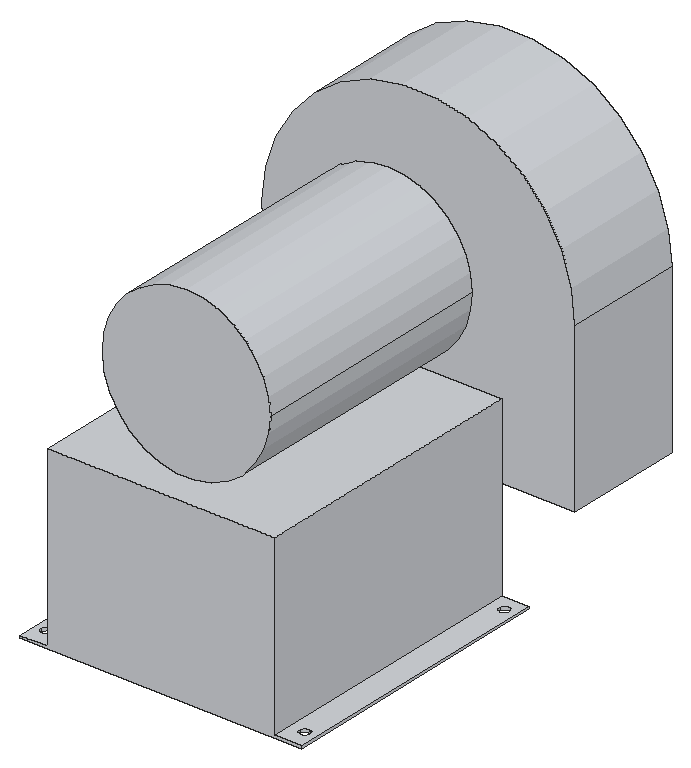
Revit family "CPFD_CCW_DBD", category Mechanical Equipment, Revit 2019
Family settings
  Round Connector Dimension = Use Radius
  Part Type = Normal
  Work Plane-Based = No
  Always vertical = Yes
  Cut with Voids When Loaded = No
  Shared = No
  Room Calculation Point = No
Parameters (values of type "10_CPFD_CW_DBD")
  Unit Weight [instance] = ""
  T_SQ/2 = T_SQ / 2  # 1' - 4"
  T_SQ = 2' - 8"
  Sones [instance] = ""
  SPACE = 0' - 1 1/2"
  Q = 0' - 1 1/16"
  P/6 = P / 6  # 0' - 1 1/2"
  P/2 = P / 2  # 0' - 4 1/2"
  P = 0' - 9"
  N/2 = N / 2  # 0' - 0 9/32"
  N = 0' - 0 9/16"
  Motor RPM [instance] = ""
  Motor Enclosure [instance] = ""
  ModelID [instance] = ""
  M = 0' - 4 5/8"
  LwA [instance] = ""
  L = 0' - 9 7/8"
  K = 0' - 1"
  J = 1' - 1 3/4"
  H/2 = H / 2  # 0' - 7 1/8"
  H-1.5" = H - 0' 1 1/2"  # 1' - 0 3/4"
  H = 1' - 2 1/4"
  G-1" = G - 0' 1"  # 0' - 7"
  G = 0' - 8"
  Fan RPM [instance] = ""
  F+1.25" = -(F + 0' 1 1/4")  # -0' - 7 5/8"
  F+.25" = -(F + 0' 0 1/4")  # -0' - 6 5/8"
  F = 0' - 6 3/8"
  E+.25" = E + 0' 0 1/4"  # 0' - 11 5/8"
  E = 0' - 11 3/8"
  D = 1' - 2 3/8"
  C/2 = C / 2  # 0' - 11 3/4"
  C = 1' - 11 1/2"
  B/2 = B / 2  # 0' - 11 1/8"
  B-F-2" = B - F - 0' 2"  # 1' - 1 7/8"
  B-F-.25" = B - F - 0' 0 1/4"  # 1' - 3 5/8"
  B = 1' - 10 1/4"
  Accessories [instance] = ""
  A/2 = A / 2  # 0' - 7 3/4"
  A = 1' - 3 1/2"
  3" = 0' - 3"  # constant formula
  Brake Hp [instance] = ""
  4" = 0' - 4"  # constant formula
  2' = 2' - 0"
  2" = 0' - 2"  # constant formula
  1" = 0' - 1"  # constant formula
  0 = 0' - 0"  # constant formula
  Voltage [instance] = 0 V
  URL = "www.lorencook.com"
  Type Comments = "Forward Curved Centrifugal Blower Direct Drive Clockwise Down Blast Arrangement 4"  # constant formula
  Static Pressure [instance] = 0.00 in-wg
  Power [instance] = Voltage * Motor FLA * sqrt(if(Phase = 3, 3, 1))  # 0 VA
  Phase [instance] = 0
  Number of Poles [instance] = 1
  Motor Hp [instance] = "0"
  Motor FLA [instance] = 0 A
  Model = "CPFD_CW_DBD"  # constant formula
  Manufacturer = "Loren Cook Company"
  CFM [instance] = 0 CFM
  1.5 = 0' - 1 1/2"  # constant formula
  ONE EIGTH = 0' - 0 1/8"  # constant formula
  (P/2)-.125" = (P / 2) - 0' 0 1/8"  # 0' - 4 3/8"
Types (6): name | SPACE | Q | P/6 | P/2 | P | N/2 | N | M | L | J | H/2 | H-1.5" | H | G-1" | G | F+1.25" | F+.25" | F | E+.25" | E | D | C/2 | C | B/2 | B-F-2" | B-F-.25" | B | A/2 | A | (P/2)-.125"
  (no name) | 0' - 1 1/2" | 0' - 1 1/16" | 0' - 1 1/2" | 0' - 4 1/2" | 0' - 9" | 0' - 0 9/32" | 0' - 0 9/16" | 0' - 4 5/8" | 0' - 9 7/8" | 1' - 1 3/4" | 0' - 7 1/8" | 1' - 0 3/4" | 1' - 2 1/4" | 0' - 7" | 0' - 8" | -0' - 7 5/8" | -0' - 6 5/8" | 0' - 6 3/8" | 0' - 11 5/8" | 0' - 11 3/8" | 1' - 2 3/8" | 0' - 11 3/4" | 1' - 11 1/2" | 0' - 11 1/8" | 1' - 1 7/8" | 1' - 3 5/8" | 1' - 10 1/4" | 0' - 7 3/4" | 1' - 3 1/2" | 0' - 4 3/8"
  6_CPFD_CW_DBD | 0' - 1 1/2" | 0' - 0 1/2" | 0' - 1.16667" | 0' - 3 1/2" | 0' - 7" | 0' - 0 7/32" | 0' - 0 7/16" | 0' - 3 5/8" | 0' - 4 5/8" | 0' - 10 3/4" | 0' - 6 1/4" | 0' - 11" | 1' - 0 1/2" | 0' - 4 3/4" | 0' - 5 3/4" | -0' - 5 7/8" | -0' - 4 7/8" | 0' - 4 5/8" | 0' - 8 1/8" | 0' - 7 7/8" | 0' - 8 1/8" | 0' - 7 1/4" | 1' - 2 1/2" | 0' - 9 1/4" | 0' - 11 7/8" | 1' - 1 5/8" | 1' - 6 1/2" | 0' - 6 3/4" | 1' - 1 1/2" | 0' - 3 3/8"
  7_CPFD_CW_DBD | 0' - 1 1/2" | 0' - 0 5/8" | 0' - 1.16667" | 0' - 3 1/2" | 0' - 7" | 0' - 0 7/32" | 0' - 0 7/16" | 0' - 3 5/8" | 0' - 7 1/8" | 1' - 0 1/4" | 0' - 6 1/4" | 0' - 11" | 1' - 0 1/2" | 0' - 5 1/8" | 0' - 6 1/8" | -0' - 6 5/8" | -0' - 5 5/8" | 0' - 5 3/8" | 0' - 8 5/8" | 0' - 8 3/8" | 0' - 10 5/8" | 0' - 8 11/16" | 1' - 5 3/8" | 0' - 10 1/8" | 1' - 0 7/8" | 1' - 2 5/8" | 1' - 8 1/4" | 0' - 6 3/4" | 1' - 1 1/2" | 0' - 3 3/8"
  9_CPFD_CW_DBD | 0' - 2" | 0' - 0 3/4" | 0' - 1 1/2" | 0' - 4 1/2" | 0' - 9" | 0' - 0 9/32" | 0' - 0 9/16" | 0' - 4 5/8" | 0' - 7 5/8" | 1' - 1 3/4" | 0' - 6 3/8" | 0' - 11 1/4" | 1' - 0 3/4" | 0' - 6" | 0' - 7" | -0' - 7 1/8" | -0' - 6 1/8" | 0' - 5 7/8" | 0' - 10 1/8" | 0' - 9 7/8" | 0' - 11 1/8" | 0' - 9 5/8" | 1' - 7 1/4" | 0' - 10 7/8" | 1' - 1 7/8" | 1' - 3 5/8" | 1' - 9 3/4" | 0' - 7" | 1' - 2" | 0' - 4 3/8"
  10_CPFD_CW_DBD | 0' - 1 1/2" | 0' - 1 1/16" | 0' - 1 1/2" | 0' - 4 1/2" | 0' - 9" | 0' - 0 9/32" | 0' - 0 9/16" | 0' - 4 5/8" | 0' - 9 7/8" | 1' - 1 3/4" | 0' - 7 1/8" | 1' - 0 3/4" | 1' - 2 1/4" | 0' - 7" | 0' - 8" | -0' - 7 5/8" | -0' - 6 5/8" | 0' - 6 3/8" | 0' - 11 5/8" | 0' - 11 3/8" | 1' - 2 3/8" | 0' - 11 3/4" | 1' - 11 1/2" | 0' - 11 1/8" | 1' - 1 7/8" | 1' - 3 5/8" | 1' - 10 1/4" | 0' - 7 3/4" | 1' - 3 1/2" | 0' - 4 3/8"
  12_CPFD_CW_DBD | 0' - 2 1/2" | 0' - 1" | 0' - 2.08333" | 0' - 6 1/4" | 1' - 0 1/2" | 0' - 0 9/32" | 0' - 0 9/16" | 0' - 4 5/8" | 0' - 9 7/8" | 1' - 2 1/4" | 0' - 7 7/8" | 1' - 2 1/4" | 1' - 3 3/4" | 0' - 8" | 0' - 9" | -0' - 7 1/8" | -0' - 6 1/8" | 0' - 5 7/8" | 1' - 1 5/8" | 1' - 1 3/8" | 1' - 2 3/8" | 1' - 0 9/16" | 2' - 1 1/8" | 0' - 11 3/8" | 1' - 2 7/8" | 1' - 4 5/8" | 1' - 10 3/4" | 0' - 8 1/2" | 1' - 5" | 0' - 6 1/8"
Reference planes (in)
  plane 1 "Center (Front/Back)": y = 0
  plane 2: z = 0
  plane 3 "Center (Left/Right)": x = 0.40541
Forms (in)
  Extrusion 1, solid
    sketch origin (0, 0, 0) x (1, 0, 0) y (0, 0, 1)
      loop
        line (-7.34459, 0) -> (8.15541, 0) -> (8.15541, 0.125) -> (6.65541, 0.125) -> (6.65541, 9.875) -> (-5.84459, 9.875) -> (-5.84459, 0.125) -> (-7.34459, 0.125) -> (-7.34459, 0)
    from 0 to 15.625 <- "B-F-.25""
  Extrusion 2, solid
    sketch origin (0, 0, 0) x (1, 0, 0) y (0, 0, 1)
      loop
        circle (0.40541, 14.5) r 4.625
    from 0 to 13.875 <- "B-F-2""
  Extrusion 3, solid
    sketch origin (0, 0, 0) x (1, 0, 0) y (0, 0, 1)
      loop
        circle (0.40541, 14.375) r 4.5
      loop
        circle (0.40541, 14.375) r 4.375
    from -7.625 <- "F+1.25"" to -6.625 <- "F+.25""
  Extrusion 4, void
    sketch origin (0, 0, 0) x (1, 0, 0) y (0, 1, 0)
      loop
        circle (-6.71959, -14.625) r 0.28125
      loop
        circle (-6.71959, -0.875) r 0.28125
      loop
        circle (7.53041, -14.625) r 0.28125
      loop
        circle (7.53041, -0.875) r 0.28125
    from 0 to 0.125
  Extrusion 5, solid
    sketch origin (0, 0, 0) x (1, 0, 0) y (0, 0, 1)
      loop
        line (-0.65709, 5.70015) -> (10.71791, 5.70015) -> (10.71791, 14.875)
        arc (10.71791, 14.875) -> (-2.94057, 21.87891) -> (-0.65709, 6.70015) r 8.625
        line (-0.65709, 6.70015) -> (-0.65709, 5.70015)
    from 0 to -6.625 <- "F+.25""
  Revolve 6, void
    sketch origin (0.40541, 0, 0) x (0, 1, 0) y (0, 0, 1)
      loop
        arc (6.625, 18.75) -> (6.18566, 17.68934) -> (5.125, 17.25) r 1.5
        line (5.125, 17.25) -> (5.125, 14.375) -> (6.625, 14.375) -> (6.625, 18.75)
      axis (5.125, 14.375) -> (6.625, 14.375)
    angle from 0 to 360
Cuts and joins
  Extrusion 4 cuts Extrusion 1
  Revolve 6 cuts Extrusion 3
  Revolve 6 cuts Extrusion 5
Dimensions and locks (in)
  "A/2": plane 3 "Center (Left/Right)" to Extrusion 1 sketch curve
  "A/2": Extrusion 1 sketch curve to plane 3 "Center (Left/Right)"
  "1.5": Extrusion 1 sketch curve to Extrusion 1 sketch curve  (x2)
  "L": Extrusion 1 sketch curve to level
  "ONE EIGTH": Extrusion 1 sketch curve to Extrusion 1 sketch curve  (x2)
  "0": Extrusion 2 sketch curve to Extrusion 1
  "0": Extrusion 2 sketch curve to plane 3 "Center (Left/Right)"
  "M": Extrusion 2 sketch curve to Extrusion 1
  "0": Extrusion 3 sketch curve to plane 3 "Center (Left/Right)"  (x2)
  "K": Extrusion 1 to Extrusion 4 sketch curve  (x2)
  "J": Extrusion 4 sketch curve to Extrusion 4 sketch curve  (x2)
  "H/2": Extrusion 4 sketch curve to plane 3 "Center (Left/Right)"  (x4)
  locked: Extrusion 3 sketch curve to Extrusion 3 sketch curve
  "D": Extrusion 3 sketch curve to level
  "D": Revolve 6 sketch curve to level
  "0": Revolve 6 sketch curve to Revolve 6 sketch curve
  "P/6": Extrusion 5 to Revolve 6 sketch curve
  "(P/2)-.125"": Revolve 6 sketch curve to Revolve 6 sketch curve
  "E": Extrusion 5 sketch curve to Extrusion 5 sketch curve
  "1"": Extrusion 5 sketch curve to Extrusion 5 sketch curve
  "C": level to Extrusion 5 sketch curve
  "Q": plane 3 "Center (Left/Right)" to Extrusion 5 sketch curve
  "P/2": radius of Extrusion 3 sketch curve
  "(P/2)-.125"": radius of Extrusion 3 sketch curve
  "N/2": radius of Extrusion 4 sketch curve  (x4)
  "P/6": radius of Revolve 6 sketch curve
Automatic sketch dimensions
  Extrusion 1 sketch curve to level = 0' - 0"
  Revolve 6 sketch curve to Revolve 6 sketch curve = 0' - 0"
  Revolve 6 sketch curve to Revolve 6 sketch curve = 0' - 2 3/4"
  plane 3 "Center (Left/Right)" to Extrusion 5 sketch curve = 0' - 1 11/16"
Connectors (in)
  electrical at (0.40541, -13.875, 14.5)
    settings: on Extrusion 2, index 1, voltage 0 V, apparent load 0 VA, apparent load phase1 0 VA, apparent load phase2 0 VA, apparent load phase3 0 VA, power factor 1, load classification "Other", number of poles 1, system type 30, power factor state 1, is connector primary yes, connector utility no, sub classification motor no, connector description ""
  hvac at (0.40541, 7.625, 14.375), driven by "P/2"
    settings: on Extrusion 3, index 4, duct flow 0 CFM, flow factor 0, pres drop 0.00 in-wg, loss coef 0, conn angle 0.00°, conn width 12", conn height 12", conn diameter 9", duct sys type 29, conn prof type 0, flow config 0, flow direction 1, loss method 0, conn ref index -1, conn util no, is conn primary yes, conn desc ""
  hvac at (5.03041, 3.3125, 5.70015), driven by "E", driven by "F"
    settings: on cut or joined group of Extrusion 5, Revolve 6, index 5, duct flow 0 CFM, flow factor 0, pres drop 0.00 in-wg, loss coef 0, conn angle 0.00°, conn width 6 3/8", conn height 11 3/8", conn diameter 24", duct sys type 29, conn prof type 1, flow config 0, flow direction 2, loss method 0, conn ref index -1, conn util no, is conn primary no, conn desc ""
